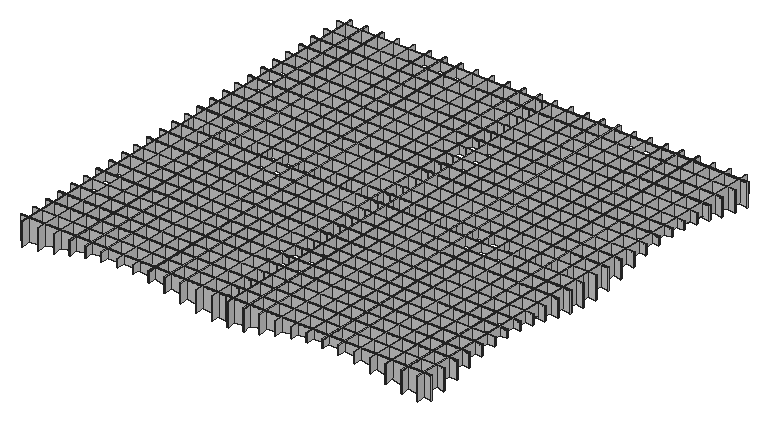
Revit family "CLD-WFL-002_RFA", category Modelos genéricos, Revit 2022 (continued)
Forms (in)
  Extrusion 440, solid
    sketch origin (186.69078, 216, 0) x (0, -1, 0) y (0, 0, 1)
      loop
        spline (103.61778, 5.04172) -> (103.98301, 5.00943) -> (104.34827, 4.97613) -> (104.71354, 4.94182) -> (105.07881, 4.90651) -> (105.44407, 4.8702) -> (105.80932, 4.83291) -> (106.17455, 4.79465) -> (106.53974, 4.75541) -> (106.90489, 4.71521) -> (107.26999, 4.67406) -> (107.63503, 4.63196) -> (108, 4.58891)
        line (108, 4.58891) -> (108, 11.82144)
    from -0.47244 to 0
  Extrusion 441, solid
    sketch origin (187.16322, 216, 0) x (0, -1, 0) y (0, 0, 1)
      loop
        line (108, 11.82144) -> (0, 11.82144) -> (0, 4.58891)
        spline (0, 4.58891) -> (0.32561, 4.62796) -> (0.65129, 4.66617) -> (0.97702, 4.70353) -> (1.3028, 4.74004) -> (1.62862, 4.77569) -> (1.95447, 4.81048) -> (2.28035, 4.84439) -> (2.60624, 4.87743) -> (2.93213, 4.90957) -> (3.25803, 4.94083) -> (3.58391, 4.97119) -> (3.90978, 5.00064)
        spline (3.90978, 5.00064) -> (4.64427, 5.06081) -> (5.37851, 5.11675) -> (6.11244, 5.16838) -> (6.84597, 5.21566) -> (7.57904, 5.25851) -> (8.31157, 5.29688) -> (9.04348, 5.33072) -> (9.7747, 5.35995) -> (10.50516, 5.38452) -> (11.23478, 5.40437) -> (11.96349, 5.41944) -> (12.69122, 5.42966)
        spline (12.69122, 5.42966) -> (13.34952, 5.43128) -> (14.00673, 5.42829) -> (14.66285, 5.42076) -> (15.31792, 5.40886) -> (15.97202, 5.39278) -> (16.62518, 5.37269) -> (17.27747, 5.34877) -> (17.92894, 5.32119) -> (18.57965, 5.29014) -> (19.22966, 5.2558) -> (19.87902, 5.21833) -> (20.52778, 5.17793)
        spline (20.52778, 5.17793) -> (21.26115, 5.12722) -> (21.99402, 5.0737) -> (22.72645, 5.01759) -> (23.45851, 4.95908) -> (24.19025, 4.89838) -> (24.92176, 4.8357) -> (25.65308, 4.77124) -> (26.38429, 4.70521) -> (27.11544, 4.63782) -> (27.84661, 4.56926) -> (28.57785, 4.49975) -> (29.30922, 4.42949)
        spline (29.30922, 4.42949) -> (29.95995, 4.366) -> (30.61094, 4.30234) -> (31.26223, 4.2387) -> (31.91387, 4.17525) -> (32.56591, 4.11218) -> (33.21841, 4.04966) -> (33.87141, 3.98789) -> (34.52497, 3.92703) -> (35.17914, 3.86728) -> (35.83396, 3.80881) -> (36.48949, 3.75181) -> (37.14578, 3.69645)
        spline (37.14578, 3.69645) -> (37.87194, 3.63892) -> (38.59907, 3.58371) -> (39.32723, 3.53102) -> (40.05647, 3.48105) -> (40.78684, 3.43397) -> (41.51831, 3.38979) -> (42.25083, 3.34845) -> (42.98434, 3.30989) -> (43.7188, 3.27405) -> (44.45413, 3.24086) -> (45.19029, 3.21027) -> (45.92722, 3.18221)
        spline (45.92722, 3.18221) -> (46.57816, 3.16116) -> (47.22964, 3.14217) -> (47.88162, 3.12519) -> (48.53404, 3.11017) -> (49.18687, 3.09705) -> (49.84004, 3.08579) -> (50.49352, 3.07632) -> (51.14725, 3.06859) -> (51.80119, 3.06255) -> (52.45529, 3.05816) -> (53.1095, 3.05535) -> (53.76378, 3.05407)
        spline (53.76378, 3.05407) -> (54.49695, 3.0556) -> (55.23004, 3.05885) -> (55.96301, 3.06387) -> (56.6958, 3.07073) -> (57.42836, 3.07948) -> (58.16062, 3.09019) -> (58.89255, 3.10292) -> (59.62409, 3.11771) -> (60.35517, 3.13464) -> (61.08576, 3.15376) -> (61.81579, 3.17514) -> (62.54522, 3.19882)
        spline (62.54522, 3.19882) -> (63.20286, 3.22386) -> (63.85981, 3.25117) -> (64.51602, 3.28078) -> (65.17144, 3.31277) -> (65.82603, 3.34719) -> (66.47973, 3.38408) -> (67.1325, 3.42351) -> (67.78428, 3.46553) -> (68.43505, 3.51013) -> (69.08486, 3.55715) -> (69.73376, 3.60642) -> (70.38178, 3.65777)
        spline (70.38178, 3.65777) -> (71.1172, 3.71948) -> (71.85176, 3.78304) -> (72.58554, 3.84824) -> (73.31858, 3.91488) -> (74.05094, 3.98275) -> (74.78268, 4.05166) -> (75.51385, 4.12139) -> (76.24452, 4.19176) -> (76.97473, 4.26254) -> (77.70455, 4.33354) -> (78.43403, 4.40456) -> (79.16322, 4.47539)
        spline (79.16322, 4.47539) -> (79.80403, 4.53723) -> (80.44473, 4.59841) -> (81.08536, 4.65876) -> (81.72599, 4.7181) -> (82.36666, 4.77623) -> (83.00743, 4.83299) -> (83.64836, 4.88819) -> (84.28951, 4.94166) -> (84.93093, 4.9932) -> (85.57267, 5.04265) -> (86.21481, 5.08982) -> (86.85738, 5.13453)
        spline (86.85738, 5.13453) -> (87.59614, 5.18092) -> (88.33559, 5.22395) -> (89.07577, 5.26344) -> (89.81676, 5.29917) -> (90.55862, 5.33094) -> (91.30141, 5.35856) -> (92.04519, 5.38181) -> (92.79004, 5.4005) -> (93.53601, 5.41442) -> (94.28316, 5.42338) -> (95.03157, 5.42716) -> (95.78122, 5.4257)
        spline (95.78122, 5.4257) -> (96.43065, 5.41648) -> (97.08095, 5.40294) -> (97.73207, 5.38513) -> (98.38393, 5.36311) -> (99.03648, 5.33693) -> (99.68963, 5.30665) -> (100.34334, 5.27231) -> (100.99753, 5.23398) -> (101.65213, 5.19169) -> (102.30709, 5.14552) -> (102.96233, 5.09551) -> (103.61778, 5.04172)
        spline (103.61778, 5.04172) -> (103.98301, 5.00943) -> (104.34827, 4.97613) -> (104.71354, 4.94182) -> (105.07881, 4.90651) -> (105.44407, 4.8702) -> (105.80932, 4.83291) -> (106.17455, 4.79465) -> (106.53974, 4.75541) -> (106.90489, 4.71521) -> (107.26999, 4.67406) -> (107.63503, 4.63196) -> (108, 4.58891)
        line (108, 4.58891) -> (108, 11.82144)
    from -0.11811 to 0
  Extrusion 442, solid
    sketch origin (194.88167, 216, 0) x (0, -1, 0) y (0, 0, 1)
      loop
        line (108, 11.82144) -> (0, 11.82144) -> (0, 2.55729)
        spline (0, 2.55729) -> (0.32561, 2.61504) -> (0.65129, 2.67215) -> (0.97702, 2.72862) -> (1.3028, 2.78445) -> (1.62862, 2.83963) -> (1.95447, 2.89415) -> (2.28035, 2.94802) -> (2.60624, 3.00123) -> (2.93213, 3.05379) -> (3.25803, 3.10567) -> (3.58391, 3.15689) -> (3.90978, 3.20744)
        spline (3.90978, 3.20744) -> (4.64427, 3.31686) -> (5.37851, 3.42317) -> (6.11243, 3.52634) -> (6.84596, 3.62635) -> (7.57903, 3.72316) -> (8.31156, 3.81675) -> (9.04347, 3.90709) -> (9.77469, 3.99415) -> (10.50515, 4.07789) -> (11.23478, 4.1583) -> (11.96349, 4.23534) -> (12.69122, 4.30898)
        spline (12.69122, 4.30898) -> (13.34952, 4.37039) -> (14.00673, 4.4286) -> (14.66285, 4.48364) -> (15.31792, 4.53559) -> (15.97202, 4.58455) -> (16.62518, 4.63059) -> (17.27747, 4.67381) -> (17.92894, 4.71429) -> (18.57965, 4.75212) -> (19.22966, 4.78738) -> (19.87902, 4.82016) -> (20.52778, 4.85054)
        spline (20.52778, 4.85054) -> (21.26115, 4.88062) -> (21.99402, 4.90823) -> (22.72646, 4.93347) -> (23.45851, 4.95644) -> (24.19026, 4.97724) -> (24.92176, 4.99598) -> (25.65309, 5.01275) -> (26.38429, 5.02764) -> (27.11545, 5.04077) -> (27.84661, 5.05223) -> (28.57785, 5.06211) -> (29.30922, 5.07053)
        spline (29.30922, 5.07053) -> (29.95995, 5.07584) -> (30.61094, 5.08009) -> (31.26223, 5.08336) -> (31.91387, 5.08574) -> (32.56591, 5.08733) -> (33.21841, 5.0882) -> (33.87141, 5.08846) -> (34.52497, 5.08817) -> (35.17914, 5.08744) -> (35.83396, 5.08636) -> (36.48949, 5.085) -> (37.14578, 5.08346)
        spline (37.14578, 5.08346) -> (37.87194, 5.08165) -> (38.59907, 5.0799) -> (39.32723, 5.0783) -> (40.05647, 5.07696) -> (40.78684, 5.07594) -> (41.51831, 5.07527) -> (42.25083, 5.07491) -> (42.98434, 5.07483) -> (43.7188, 5.075) -> (44.45413, 5.07538) -> (45.19029, 5.07596) -> (45.92722, 5.0767)
        spline (45.92722, 5.0767) -> (46.57816, 5.07753) -> (47.22964, 5.07843) -> (47.88162, 5.07937) -> (48.53404, 5.08033) -> (49.18687, 5.08128) -> (49.84004, 5.0822) -> (50.49352, 5.08306) -> (51.14725, 5.08383) -> (51.80119, 5.0845) -> (52.45529, 5.08503) -> (53.1095, 5.0854) -> (53.76378, 5.08558)
        spline (53.76378, 5.08558) -> (54.49695, 5.08542) -> (55.23004, 5.08505) -> (55.96301, 5.0845) -> (56.6958, 5.0838) -> (57.42835, 5.08298) -> (58.16062, 5.08206) -> (58.89255, 5.08107) -> (59.62408, 5.08005) -> (60.35517, 5.07902) -> (61.08576, 5.07801) -> (61.81579, 5.07705) -> (62.54522, 5.07616)
        spline (62.54522, 5.07616) -> (63.20286, 5.07551) -> (63.85981, 5.075) -> (64.51602, 5.07466) -> (65.17144, 5.07452) -> (65.82603, 5.0746) -> (66.47973, 5.07493) -> (67.1325, 5.07554) -> (67.78428, 5.07645) -> (68.43505, 5.07766) -> (69.08486, 5.07909) -> (69.73376, 5.08066) -> (70.38178, 5.08229)
        spline (70.38178, 5.08229) -> (71.1172, 5.08386) -> (71.85177, 5.08523) -> (72.58555, 5.08629) -> (73.31859, 5.08695) -> (74.05095, 5.08712) -> (74.78269, 5.08668) -> (75.51386, 5.08555) -> (76.24453, 5.08362) -> (76.97474, 5.08079) -> (77.70455, 5.07697) -> (78.43403, 5.07206) -> (79.16322, 5.06596)
        spline (79.16322, 5.06596) -> (79.81589, 5.05858) -> (80.46845, 5.04989) -> (81.12094, 5.0398) -> (81.77342, 5.02821) -> (82.42595, 5.01505) -> (83.07858, 5.00022) -> (83.73137, 4.98363) -> (84.38439, 4.9652) -> (85.03768, 4.94483) -> (85.6913, 4.92244) -> (86.34531, 4.89793) -> (86.99978, 4.87123)
        spline (86.99978, 4.87123) -> (87.72677, 4.83707) -> (88.45442, 4.80022) -> (89.18281, 4.7606) -> (89.91198, 4.7181) -> (90.642, 4.67263) -> (91.37294, 4.62408) -> (92.10486, 4.57237) -> (92.83781, 4.5174) -> (93.57187, 4.45907) -> (94.3071, 4.39728) -> (95.04355, 4.33194) -> (95.78122, 4.26301)
        spline (95.78122, 4.26301) -> (96.43065, 4.19725) -> (97.08095, 4.12847) -> (97.73207, 4.05667) -> (98.38393, 3.9819) -> (99.03648, 3.90417) -> (99.68963, 3.82352) -> (100.34334, 3.73996) -> (100.99753, 3.65352) -> (101.65213, 3.56424) -> (102.30709, 3.47213) -> (102.96233, 3.37722) -> (103.61778, 3.27954)
        spline (103.61778, 3.27954) -> (103.98302, 3.22342) -> (104.34828, 3.16655) -> (104.71355, 3.10893) -> (105.07882, 3.05057) -> (105.44409, 2.99146) -> (105.80934, 2.93162) -> (106.17456, 2.87105) -> (106.53976, 2.80974) -> (106.9049, 2.74771) -> (107.27, 2.68496) -> (107.63504, 2.62148) -> (108, 2.55729)
        line (108, 2.55729) -> (108, 11.82144)
    from -0.11811 to 0
  Extrusion 443, solid
    sketch origin (194.99978, 216, 0) x (0, -1, 0) y (0, 0, 1)
      loop
        line (108, 11.82144) -> (0, 11.82144) -> (0, 2.55729)
        spline (0, 2.55729) -> (0.32561, 2.61504) -> (0.65129, 2.67215) -> (0.97702, 2.72862) -> (1.3028, 2.78445) -> (1.62862, 2.83963) -> (1.95447, 2.89415) -> (2.28035, 2.94802) -> (2.60624, 3.00123) -> (2.93213, 3.05379) -> (3.25803, 3.10567) -> (3.58391, 3.15689) -> (3.90978, 3.20744)
        spline (3.90978, 3.20744) -> (4.64427, 3.31686) -> (5.37851, 3.42317) -> (6.11243, 3.52634) -> (6.84596, 3.62635) -> (7.57903, 3.72316) -> (8.31156, 3.81675) -> (9.04347, 3.90709) -> (9.77469, 3.99415) -> (10.50515, 4.07789) -> (11.23478, 4.1583) -> (11.96349, 4.23534) -> (12.69122, 4.30898)
        spline (12.69122, 4.30898) -> (13.34952, 4.37039) -> (14.00673, 4.4286) -> (14.66285, 4.48364) -> (15.31792, 4.53559) -> (15.97202, 4.58455) -> (16.62518, 4.63059) -> (17.27747, 4.67381) -> (17.92894, 4.71429) -> (18.57965, 4.75212) -> (19.22966, 4.78738) -> (19.87902, 4.82016) -> (20.52778, 4.85054)
        spline (20.52778, 4.85054) -> (21.26115, 4.88062) -> (21.99402, 4.90823) -> (22.72646, 4.93347) -> (23.45851, 4.95644) -> (24.19026, 4.97724) -> (24.92176, 4.99598) -> (25.65309, 5.01275) -> (26.38429, 5.02764) -> (27.11545, 5.04077) -> (27.84661, 5.05223) -> (28.57785, 5.06211) -> (29.30922, 5.07053)
        spline (29.30922, 5.07053) -> (29.95995, 5.07584) -> (30.61094, 5.08009) -> (31.26223, 5.08336) -> (31.91387, 5.08574) -> (32.56591, 5.08733) -> (33.21841, 5.0882) -> (33.87141, 5.08846) -> (34.52497, 5.08817) -> (35.17914, 5.08744) -> (35.83396, 5.08636) -> (36.48949, 5.085) -> (37.14578, 5.08346)
        spline (37.14578, 5.08346) -> (37.87194, 5.08165) -> (38.59907, 5.0799) -> (39.32723, 5.0783) -> (40.05647, 5.07696) -> (40.78684, 5.07594) -> (41.51831, 5.07527) -> (42.25083, 5.07491) -> (42.98434, 5.07483) -> (43.7188, 5.075) -> (44.45413, 5.07538) -> (45.19029, 5.07596) -> (45.92722, 5.0767)
        spline (45.92722, 5.0767) -> (46.57816, 5.07753) -> (47.22964, 5.07843) -> (47.88162, 5.07937) -> (48.53404, 5.08033) -> (49.18687, 5.08128) -> (49.84004, 5.0822) -> (50.49352, 5.08306) -> (51.14725, 5.08383) -> (51.80119, 5.0845) -> (52.45529, 5.08503) -> (53.1095, 5.0854) -> (53.76378, 5.08558)
        spline (53.76378, 5.08558) -> (54.49695, 5.08542) -> (55.23004, 5.08505) -> (55.96301, 5.0845) -> (56.6958, 5.0838) -> (57.42835, 5.08298) -> (58.16062, 5.08206) -> (58.89255, 5.08107) -> (59.62408, 5.08005) -> (60.35517, 5.07902) -> (61.08576, 5.07801) -> (61.81579, 5.07705) -> (62.54522, 5.07616)
        spline (62.54522, 5.07616) -> (63.20286, 5.07551) -> (63.85981, 5.075) -> (64.51602, 5.07466) -> (65.17144, 5.07452) -> (65.82603, 5.0746) -> (66.47973, 5.07493) -> (67.1325, 5.07554) -> (67.78428, 5.07645) -> (68.43505, 5.07766) -> (69.08486, 5.07909) -> (69.73376, 5.08066) -> (70.38178, 5.08229)
        spline (70.38178, 5.08229) -> (71.1172, 5.08386) -> (71.85177, 5.08523) -> (72.58555, 5.08629) -> (73.31859, 5.08695) -> (74.05095, 5.08712) -> (74.78269, 5.08668) -> (75.51386, 5.08555) -> (76.24453, 5.08362) -> (76.97474, 5.08079) -> (77.70455, 5.07697) -> (78.43403, 5.07206) -> (79.16322, 5.06596)
        spline (79.16322, 5.06596) -> (79.81589, 5.05858) -> (80.46845, 5.04989) -> (81.12094, 5.0398) -> (81.77342, 5.02821) -> (82.42595, 5.01505) -> (83.07858, 5.00022) -> (83.73137, 4.98363) -> (84.38439, 4.9652) -> (85.03768, 4.94483) -> (85.6913, 4.92244) -> (86.34531, 4.89793) -> (86.99978, 4.87123)
        spline (86.99978, 4.87123) -> (87.72677, 4.83707) -> (88.45442, 4.80022) -> (89.18281, 4.7606) -> (89.91198, 4.7181) -> (90.642, 4.67263) -> (91.37294, 4.62408) -> (92.10486, 4.57237) -> (92.83781, 4.5174) -> (93.57187, 4.45907) -> (94.3071, 4.39728) -> (95.04355, 4.33194) -> (95.78122, 4.26301)
        spline (95.78122, 4.26301) -> (96.43065, 4.19725) -> (97.08095, 4.12847) -> (97.73207, 4.05667) -> (98.38393, 3.9819) -> (99.03648, 3.90417) -> (99.68963, 3.82352) -> (100.34334, 3.73996) -> (100.99753, 3.65352) -> (101.65213, 3.56424) -> (102.30709, 3.47213) -> (102.96233, 3.37722) -> (103.61778, 3.27954)
        spline (103.61778, 3.27954) -> (103.98302, 3.22342) -> (104.34828, 3.16655) -> (104.71355, 3.10893) -> (105.07882, 3.05057) -> (105.44409, 2.99146) -> (105.80934, 2.93162) -> (106.17456, 2.87105) -> (106.53976, 2.80974) -> (106.9049, 2.74771) -> (107.27, 2.68496) -> (107.63504, 2.62148) -> (108, 2.55729)
        line (108, 2.55729) -> (108, 11.82144)
    from -0.47244 to 0
  Extrusion 444, solid
    sketch origin (195.47222, 216, 0) x (0, -1, 0) y (0, 0, 1)
      loop
        line (108, 11.82144) -> (0, 11.82144) -> (0, 2.55729)
        spline (0, 2.55729) -> (0.32561, 2.61504) -> (0.65129, 2.67215) -> (0.97702, 2.72862) -> (1.3028, 2.78445) -> (1.62862, 2.83963) -> (1.95447, 2.89415) -> (2.28035, 2.94802) -> (2.60624, 3.00123) -> (2.93213, 3.05379) -> (3.25803, 3.10567) -> (3.58391, 3.15689) -> (3.90978, 3.20744)
        spline (3.90978, 3.20744) -> (4.64427, 3.31686) -> (5.37851, 3.42317) -> (6.11243, 3.52634) -> (6.84596, 3.62635) -> (7.57903, 3.72316) -> (8.31156, 3.81675) -> (9.04347, 3.90709) -> (9.77469, 3.99415) -> (10.50515, 4.07789) -> (11.23478, 4.1583) -> (11.96349, 4.23534) -> (12.69122, 4.30898)
        spline (12.69122, 4.30898) -> (13.34952, 4.37039) -> (14.00673, 4.4286) -> (14.66285, 4.48364) -> (15.31792, 4.53559) -> (15.97202, 4.58455) -> (16.62518, 4.63059) -> (17.27747, 4.67381) -> (17.92894, 4.71429) -> (18.57965, 4.75212) -> (19.22966, 4.78738) -> (19.87902, 4.82016) -> (20.52778, 4.85054)
        spline (20.52778, 4.85054) -> (21.26115, 4.88062) -> (21.99402, 4.90823) -> (22.72646, 4.93347) -> (23.45851, 4.95644) -> (24.19026, 4.97724) -> (24.92176, 4.99598) -> (25.65309, 5.01275) -> (26.38429, 5.02764) -> (27.11545, 5.04077) -> (27.84661, 5.05223) -> (28.57785, 5.06211) -> (29.30922, 5.07053)
        spline (29.30922, 5.07053) -> (29.95995, 5.07584) -> (30.61094, 5.08009) -> (31.26223, 5.08336) -> (31.91387, 5.08574) -> (32.56591, 5.08733) -> (33.21841, 5.0882) -> (33.87141, 5.08846) -> (34.52497, 5.08817) -> (35.17914, 5.08744) -> (35.83396, 5.08636) -> (36.48949, 5.085) -> (37.14578, 5.08346)
        spline (37.14578, 5.08346) -> (37.87194, 5.08165) -> (38.59907, 5.0799) -> (39.32723, 5.0783) -> (40.05647, 5.07696) -> (40.78684, 5.07594) -> (41.51831, 5.07527) -> (42.25083, 5.07491) -> (42.98434, 5.07483) -> (43.7188, 5.075) -> (44.45413, 5.07538) -> (45.19029, 5.07596) -> (45.92722, 5.0767)
        spline (45.92722, 5.0767) -> (46.57816, 5.07753) -> (47.22964, 5.07843) -> (47.88162, 5.07937) -> (48.53404, 5.08033) -> (49.18687, 5.08128) -> (49.84004, 5.0822) -> (50.49352, 5.08306) -> (51.14725, 5.08383) -> (51.80119, 5.0845) -> (52.45529, 5.08503) -> (53.1095, 5.0854) -> (53.76378, 5.08558)
        spline (53.76378, 5.08558) -> (54.49695, 5.08542) -> (55.23004, 5.08505) -> (55.96301, 5.0845) -> (56.6958, 5.0838) -> (57.42835, 5.08298) -> (58.16062, 5.08206) -> (58.89255, 5.08107) -> (59.62408, 5.08005) -> (60.35517, 5.07902) -> (61.08576, 5.07801) -> (61.81579, 5.07705) -> (62.54522, 5.07616)
        spline (62.54522, 5.07616) -> (63.20286, 5.07551) -> (63.85981, 5.075) -> (64.51602, 5.07466) -> (65.17144, 5.07452) -> (65.82603, 5.0746) -> (66.47973, 5.07493) -> (67.1325, 5.07554) -> (67.78428, 5.07645) -> (68.43505, 5.07766) -> (69.08486, 5.07909) -> (69.73376, 5.08066) -> (70.38178, 5.08229)
        spline (70.38178, 5.08229) -> (71.1172, 5.08386) -> (71.85177, 5.08523) -> (72.58555, 5.08629) -> (73.31859, 5.08695) -> (74.05095, 5.08712) -> (74.78269, 5.08668) -> (75.51386, 5.08555) -> (76.24453, 5.08362) -> (76.97474, 5.08079) -> (77.70455, 5.07697) -> (78.43403, 5.07206) -> (79.16322, 5.06596)
        spline (79.16322, 5.06596) -> (79.81589, 5.05858) -> (80.46845, 5.04989) -> (81.12094, 5.0398) -> (81.77342, 5.02821) -> (82.42595, 5.01505) -> (83.07858, 5.00022) -> (83.73137, 4.98363) -> (84.38439, 4.9652) -> (85.03768, 4.94483) -> (85.6913, 4.92244) -> (86.34531, 4.89793) -> (86.99978, 4.87123)
        spline (86.99978, 4.87123) -> (87.72677, 4.83707) -> (88.45442, 4.80022) -> (89.18281, 4.7606) -> (89.91198, 4.7181) -> (90.642, 4.67263) -> (91.37294, 4.62408) -> (92.10486, 4.57237) -> (92.83781, 4.5174) -> (93.57187, 4.45907) -> (94.3071, 4.39728) -> (95.04355, 4.33194) -> (95.78122, 4.26301)
        spline (95.78122, 4.26301) -> (96.43065, 4.19725) -> (97.08095, 4.12847) -> (97.73207, 4.05667) -> (98.38393, 3.9819) -> (99.03648, 3.90417) -> (99.68963, 3.82352) -> (100.34334, 3.73996) -> (100.99753, 3.65352) -> (101.65213, 3.56424) -> (102.30709, 3.47213) -> (102.96233, 3.37722) -> (103.61778, 3.27954)
        spline (103.61778, 3.27954) -> (103.98302, 3.22342) -> (104.34828, 3.16655) -> (104.71355, 3.10893) -> (105.07882, 3.05057) -> (105.44409, 2.99146) -> (105.80934, 2.93162) -> (106.17456, 2.87105) -> (106.53976, 2.80974) -> (106.9049, 2.74771) -> (107.27, 2.68496) -> (107.63504, 2.62148) -> (108, 2.55729)
        line (108, 2.55729) -> (108, 11.82144)
    from -0.11811 to 0
  Extrusion 445, solid
    sketch origin (203.19067, 216, 0) x (0, -1, 0) y (0, 0, 1)
      loop
        line (108, 11.82144) -> (0, 11.82144) -> (0, 0.88375)
        spline (0, 0.88375) -> (0.32561, 0.94348) -> (0.65129, 1.00296) -> (0.97702, 1.06219) -> (1.3028, 1.12116) -> (1.62862, 1.1799) -> (1.95447, 1.23838) -> (2.28035, 1.29662) -> (2.60624, 1.35462) -> (2.93213, 1.41237) -> (3.25803, 1.46988) -> (3.58391, 1.52715) -> (3.90978, 1.58418)
        spline (3.90978, 1.58418) -> (4.64426, 1.71122) -> (5.37851, 1.8372) -> (6.11243, 1.96212) -> (6.84596, 2.086) -> (7.57903, 2.20885) -> (8.31155, 2.33067) -> (9.04347, 2.45149) -> (9.77469, 2.57131) -> (10.50515, 2.69014) -> (11.23478, 2.80798) -> (11.96349, 2.92486) -> (12.69122, 3.04079)
        spline (12.69122, 3.04079) -> (13.34952, 3.14441) -> (14.00673, 3.24717) -> (14.66285, 3.34906) -> (15.31792, 3.45005) -> (15.97202, 3.55011) -> (16.62518, 3.64921) -> (17.27747, 3.74732) -> (17.92894, 3.8444) -> (18.57965, 3.94043) -> (19.22966, 4.03537) -> (19.87902, 4.12919) -> (20.52778, 4.22187)
        spline (20.52778, 4.22187) -> (21.26116, 4.32437) -> (21.99403, 4.42546) -> (22.72646, 4.52511) -> (23.45852, 4.62328) -> (24.19027, 4.71993) -> (24.92177, 4.81503) -> (25.6531, 4.90854) -> (26.3843, 5.00042) -> (27.11545, 5.09065) -> (27.84662, 5.17918) -> (28.57786, 5.26598) -> (29.30922, 5.35101)
        spline (29.30922, 5.35101) -> (29.95995, 5.42391) -> (30.61094, 5.49516) -> (31.26223, 5.56472) -> (31.91387, 5.63257) -> (32.56591, 5.69867) -> (33.21841, 5.763) -> (33.87141, 5.82551) -> (34.52497, 5.88618) -> (35.17914, 5.94498) -> (35.83396, 6.00187) -> (36.48949, 6.05683) -> (37.14578, 6.10982)
        spline (37.14578, 6.10982) -> (37.87194, 6.16453) -> (38.59907, 6.21702) -> (39.32723, 6.26723) -> (40.05647, 6.31514) -> (40.78684, 6.36072) -> (41.51831, 6.40397) -> (42.25083, 6.44489) -> (42.98434, 6.4835) -> (43.71879, 6.51981) -> (44.45413, 6.55383) -> (45.19029, 6.58557) -> (45.92722, 6.61503)
        spline (45.92722, 6.61503) -> (46.57816, 6.6376) -> (47.22964, 6.65822) -> (47.88162, 6.67689) -> (48.53404, 6.69363) -> (49.18687, 6.70845) -> (49.84004, 6.72134) -> (50.49352, 6.73234) -> (51.14725, 6.74143) -> (51.80119, 6.74863) -> (52.45529, 6.75396) -> (53.1095, 6.75742) -> (53.76378, 6.75901)
        spline (53.76378, 6.75901) -> (54.49695, 6.7572) -> (55.23004, 6.75331) -> (55.96301, 6.74732) -> (56.6958, 6.73922) -> (57.42835, 6.72901) -> (58.16062, 6.71667) -> (58.89255, 6.7022) -> (59.62408, 6.68557) -> (60.35517, 6.66679) -> (61.08576, 6.64585) -> (61.81579, 6.62272) -> (62.54522, 6.59741)
        spline (62.54522, 6.59741) -> (63.20286, 6.57112) -> (63.85981, 6.54281) -> (64.51602, 6.51247) -> (65.17144, 6.48008) -> (65.82603, 6.44563) -> (66.47973, 6.40912) -> (67.1325, 6.37054) -> (67.78428, 6.32988) -> (68.43505, 6.28713) -> (69.08486, 6.24233) -> (69.73376, 6.19551) -> (70.38178, 6.14669)
        spline (70.38178, 6.14669) -> (71.1172, 6.08737) -> (71.85177, 6.02584) -> (72.58554, 5.96214) -> (73.31858, 5.89631) -> (74.05094, 5.82838) -> (74.78268, 5.75838) -> (75.51386, 5.68636) -> (76.24452, 5.61234) -> (76.97473, 5.53637) -> (77.70455, 5.45847) -> (78.43403, 5.37869) -> (79.16322, 5.29705)
        spline (79.16322, 5.29705) -> (79.81589, 5.22111) -> (80.46845, 5.14359) -> (81.12094, 5.06452) -> (81.77342, 4.98394) -> (82.42595, 4.90188) -> (83.07858, 4.81837) -> (83.73137, 4.73344) -> (84.38439, 4.64713) -> (85.03768, 4.55947) -> (85.6913, 4.47048) -> (86.34531, 4.3802) -> (86.99978, 4.28866)
        spline (86.99978, 4.28866) -> (87.72677, 4.18488) -> (88.45442, 4.07981) -> (89.1828, 3.97349) -> (89.91197, 3.86595) -> (90.64199, 3.75723) -> (91.37293, 3.64737) -> (92.10485, 3.53639) -> (92.8378, 3.42433) -> (93.57186, 3.31123) -> (94.30709, 3.19712) -> (95.04354, 3.08203) -> (95.78122, 2.96599)
        spline (95.78122, 2.96599) -> (96.4698, 2.85601) -> (97.15931, 2.74512) -> (97.84968, 2.63332) -> (98.54085, 2.52058) -> (99.23273, 2.40692) -> (99.92527, 2.2923) -> (100.61838, 2.17673) -> (101.31201, 2.06019) -> (102.00608, 1.94268) -> (102.70052, 1.82418) -> (103.39525, 1.70469) -> (104.09022, 1.58418)
        spline (104.09022, 1.58418) -> (104.41609, 1.52715) -> (104.74197, 1.46988) -> (105.06787, 1.41237) -> (105.39376, 1.35462) -> (105.71965, 1.29662) -> (106.04553, 1.23838) -> (106.37138, 1.1799) -> (106.6972, 1.12116) -> (107.02298, 1.06219) -> (107.34871, 1.00296) -> (107.67439, 0.94348) -> (108, 0.88375)
        line (108, 0.88375) -> (108, 11.82144)
    from -0.11811 to 0
  Extrusion 446, solid
    sketch origin (203.66311, 216, 0) x (0, -1, 0) y (0, 0, 1)
      loop
        line (108, 11.82144) -> (0, 11.82144) -> (0, 0.88375)
        spline (0, 0.88375) -> (0.32561, 0.94348) -> (0.65129, 1.00296) -> (0.97702, 1.06219) -> (1.3028, 1.12116) -> (1.62862, 1.1799) -> (1.95447, 1.23838) -> (2.28035, 1.29662) -> (2.60624, 1.35462) -> (2.93213, 1.41237) -> (3.25803, 1.46988) -> (3.58391, 1.52715) -> (3.90978, 1.58418)
        spline (3.90978, 1.58418) -> (4.64426, 1.71122) -> (5.37851, 1.8372) -> (6.11243, 1.96212) -> (6.84596, 2.086) -> (7.57903, 2.20885) -> (8.31155, 2.33067) -> (9.04347, 2.45149) -> (9.77469, 2.57131) -> (10.50515, 2.69014) -> (11.23478, 2.80798) -> (11.96349, 2.92486) -> (12.69122, 3.04079)
        spline (12.69122, 3.04079) -> (13.34952, 3.14441) -> (14.00673, 3.24717) -> (14.66285, 3.34906) -> (15.31792, 3.45005) -> (15.97202, 3.55011) -> (16.62518, 3.64921) -> (17.27747, 3.74732) -> (17.92894, 3.8444) -> (18.57965, 3.94043) -> (19.22966, 4.03537) -> (19.87902, 4.12919) -> (20.52778, 4.22187)
        spline (20.52778, 4.22187) -> (21.26116, 4.32437) -> (21.99403, 4.42546) -> (22.72646, 4.52511) -> (23.45852, 4.62328) -> (24.19027, 4.71993) -> (24.92177, 4.81503) -> (25.6531, 4.90854) -> (26.3843, 5.00042) -> (27.11545, 5.09065) -> (27.84662, 5.17918) -> (28.57786, 5.26598) -> (29.30922, 5.35101)
        spline (29.30922, 5.35101) -> (29.95995, 5.42391) -> (30.61094, 5.49516) -> (31.26223, 5.56472) -> (31.91387, 5.63257) -> (32.56591, 5.69867) -> (33.21841, 5.763) -> (33.87141, 5.82551) -> (34.52497, 5.88618) -> (35.17914, 5.94498) -> (35.83396, 6.00187) -> (36.48949, 6.05683) -> (37.14578, 6.10982)
        spline (37.14578, 6.10982) -> (37.87194, 6.16453) -> (38.59907, 6.21702) -> (39.32723, 6.26723) -> (40.05647, 6.31514) -> (40.78684, 6.36072) -> (41.51831, 6.40397) -> (42.25083, 6.44489) -> (42.98434, 6.4835) -> (43.71879, 6.51981) -> (44.45413, 6.55383) -> (45.19029, 6.58557) -> (45.92722, 6.61503)
        spline (45.92722, 6.61503) -> (46.57816, 6.6376) -> (47.22964, 6.65822) -> (47.88162, 6.67689) -> (48.53404, 6.69363) -> (49.18687, 6.70845) -> (49.84004, 6.72134) -> (50.49352, 6.73234) -> (51.14725, 6.74143) -> (51.80119, 6.74863) -> (52.45529, 6.75396) -> (53.1095, 6.75742) -> (53.76378, 6.75901)
        spline (53.76378, 6.75901) -> (54.49695, 6.7572) -> (55.23004, 6.75331) -> (55.96301, 6.74732) -> (56.6958, 6.73922) -> (57.42835, 6.72901) -> (58.16062, 6.71667) -> (58.89255, 6.7022) -> (59.62408, 6.68557) -> (60.35517, 6.66679) -> (61.08576, 6.64585) -> (61.81579, 6.62272) -> (62.54522, 6.59741)
        spline (62.54522, 6.59741) -> (63.20286, 6.57112) -> (63.85981, 6.54281) -> (64.51602, 6.51247) -> (65.17144, 6.48008) -> (65.82603, 6.44563) -> (66.47973, 6.40912) -> (67.1325, 6.37054) -> (67.78428, 6.32988) -> (68.43505, 6.28713) -> (69.08486, 6.24233) -> (69.73376, 6.19551) -> (70.38178, 6.14669)
        spline (70.38178, 6.14669) -> (71.1172, 6.08737) -> (71.85177, 6.02584) -> (72.58554, 5.96214) -> (73.31858, 5.89631) -> (74.05094, 5.82838) -> (74.78268, 5.75838) -> (75.51386, 5.68636) -> (76.24452, 5.61234) -> (76.97473, 5.53637) -> (77.70455, 5.45847) -> (78.43403, 5.37869) -> (79.16322, 5.29705)
        spline (79.16322, 5.29705) -> (79.81589, 5.22111) -> (80.46845, 5.14359) -> (81.12094, 5.06452) -> (81.77342, 4.98394) -> (82.42595, 4.90188) -> (83.07858, 4.81837) -> (83.73137, 4.73344) -> (84.38439, 4.64713) -> (85.03768, 4.55947) -> (85.6913, 4.47048) -> (86.34531, 4.3802) -> (86.99978, 4.28866)
        spline (86.99978, 4.28866) -> (87.72677, 4.18488) -> (88.45442, 4.07981) -> (89.1828, 3.97349) -> (89.91197, 3.86595) -> (90.64199, 3.75723) -> (91.37293, 3.64737) -> (92.10485, 3.53639) -> (92.8378, 3.42433) -> (93.57186, 3.31123) -> (94.30709, 3.19712) -> (95.04354, 3.08203) -> (95.78122, 2.96599)
        spline (95.78122, 2.96599) -> (96.4698, 2.85601) -> (97.15931, 2.74512) -> (97.84968, 2.63332) -> (98.54085, 2.52058) -> (99.23273, 2.40692) -> (99.92527, 2.2923) -> (100.61838, 2.17673) -> (101.31201, 2.06019) -> (102.00608, 1.94268) -> (102.70052, 1.82418) -> (103.39525, 1.70469) -> (104.09022, 1.58418)
        spline (104.09022, 1.58418) -> (104.41609, 1.52715) -> (104.74197, 1.46988) -> (105.06787, 1.41237) -> (105.39376, 1.35462) -> (105.71965, 1.29662) -> (106.04553, 1.23838) -> (106.37138, 1.1799) -> (106.6972, 1.12116) -> (107.02298, 1.06219) -> (107.34871, 1.00296) -> (107.67439, 0.94348) -> (108, 0.88375)
        line (108, 0.88375) -> (108, 11.82144)
    from -0.11811 to 0.35433
  Extrusion 447, solid
    sketch origin (203.78122, 216, 0) x (0, -1, 0) y (0, 0, 1)
      loop
        line (108, 11.82144) -> (0, 11.82144) -> (0, 0.88375)
        spline (0, 0.88375) -> (0.32561, 0.94348) -> (0.65129, 1.00296) -> (0.97702, 1.06219) -> (1.3028, 1.12116) -> (1.62862, 1.1799) -> (1.95447, 1.23838) -> (2.28035, 1.29662) -> (2.60624, 1.35462) -> (2.93213, 1.41237) -> (3.25803, 1.46988) -> (3.58391, 1.52715) -> (3.90978, 1.58418)
        spline (3.90978, 1.58418) -> (4.64426, 1.71122) -> (5.37851, 1.8372) -> (6.11243, 1.96212) -> (6.84596, 2.086) -> (7.57903, 2.20885) -> (8.31155, 2.33067) -> (9.04347, 2.45149) -> (9.77469, 2.57131) -> (10.50515, 2.69014) -> (11.23478, 2.80798) -> (11.96349, 2.92486) -> (12.69122, 3.04079)
        spline (12.69122, 3.04079) -> (13.34952, 3.14441) -> (14.00673, 3.24717) -> (14.66285, 3.34906) -> (15.31792, 3.45005) -> (15.97202, 3.55011) -> (16.62518, 3.64921) -> (17.27747, 3.74732) -> (17.92894, 3.8444) -> (18.57965, 3.94043) -> (19.22966, 4.03537) -> (19.87902, 4.12919) -> (20.52778, 4.22187)
        spline (20.52778, 4.22187) -> (21.26116, 4.32437) -> (21.99403, 4.42546) -> (22.72646, 4.52511) -> (23.45852, 4.62328) -> (24.19027, 4.71993) -> (24.92177, 4.81503) -> (25.6531, 4.90854) -> (26.3843, 5.00042) -> (27.11545, 5.09065) -> (27.84662, 5.17918) -> (28.57786, 5.26598) -> (29.30922, 5.35101)
        spline (29.30922, 5.35101) -> (29.95995, 5.42391) -> (30.61094, 5.49516) -> (31.26223, 5.56472) -> (31.91387, 5.63257) -> (32.56591, 5.69867) -> (33.21841, 5.763) -> (33.87141, 5.82551) -> (34.52497, 5.88618) -> (35.17914, 5.94498) -> (35.83396, 6.00187) -> (36.48949, 6.05683) -> (37.14578, 6.10982)
        spline (37.14578, 6.10982) -> (37.87194, 6.16453) -> (38.59907, 6.21702) -> (39.32723, 6.26723) -> (40.05647, 6.31514) -> (40.78684, 6.36072) -> (41.51831, 6.40397) -> (42.25083, 6.44489) -> (42.98434, 6.4835) -> (43.71879, 6.51981) -> (44.45413, 6.55383) -> (45.19029, 6.58557) -> (45.92722, 6.61503)
        spline (45.92722, 6.61503) -> (46.57816, 6.6376) -> (47.22964, 6.65822) -> (47.88162, 6.67689) -> (48.53404, 6.69363) -> (49.18687, 6.70845) -> (49.84004, 6.72134) -> (50.49352, 6.73234) -> (51.14725, 6.74143) -> (51.80119, 6.74863) -> (52.45529, 6.75396) -> (53.1095, 6.75742) -> (53.76378, 6.75901)
        spline (53.76378, 6.75901) -> (54.49695, 6.7572) -> (55.23004, 6.75331) -> (55.96301, 6.74732) -> (56.6958, 6.73922) -> (57.42835, 6.72901) -> (58.16062, 6.71667) -> (58.89255, 6.7022) -> (59.62408, 6.68557) -> (60.35517, 6.66679) -> (61.08576, 6.64585) -> (61.81579, 6.62272) -> (62.54522, 6.59741)
        spline (62.54522, 6.59741) -> (63.20286, 6.57112) -> (63.85981, 6.54281) -> (64.51602, 6.51247) -> (65.17144, 6.48008) -> (65.82603, 6.44563) -> (66.47973, 6.40912) -> (67.1325, 6.37054) -> (67.78428, 6.32988) -> (68.43505, 6.28713) -> (69.08486, 6.24233) -> (69.73376, 6.19551) -> (70.38178, 6.14669)
        spline (70.38178, 6.14669) -> (71.1172, 6.08737) -> (71.85177, 6.02584) -> (72.58554, 5.96214) -> (73.31858, 5.89631) -> (74.05094, 5.82838) -> (74.78268, 5.75838) -> (75.51386, 5.68636) -> (76.24452, 5.61234) -> (76.97473, 5.53637) -> (77.70455, 5.45847) -> (78.43403, 5.37869) -> (79.16322, 5.29705)
        spline (79.16322, 5.29705) -> (79.81589, 5.22111) -> (80.46845, 5.14359) -> (81.12094, 5.06452) -> (81.77342, 4.98394) -> (82.42595, 4.90188) -> (83.07858, 4.81837) -> (83.73137, 4.73344) -> (84.38439, 4.64713) -> (85.03768, 4.55947) -> (85.6913, 4.47048) -> (86.34531, 4.3802) -> (86.99978, 4.28866)
        spline (86.99978, 4.28866) -> (87.72677, 4.18488) -> (88.45442, 4.07981) -> (89.1828, 3.97349) -> (89.91197, 3.86595) -> (90.64199, 3.75723) -> (91.37293, 3.64737) -> (92.10485, 3.53639) -> (92.8378, 3.42433) -> (93.57186, 3.31123) -> (94.30709, 3.19712) -> (95.04354, 3.08203) -> (95.78122, 2.96599)
        spline (95.78122, 2.96599) -> (96.4698, 2.85601) -> (97.15931, 2.74512) -> (97.84968, 2.63332) -> (98.54085, 2.52058) -> (99.23273, 2.40692) -> (99.92527, 2.2923) -> (100.61838, 2.17673) -> (101.31201, 2.06019) -> (102.00608, 1.94268) -> (102.70052, 1.82418) -> (103.39525, 1.70469) -> (104.09022, 1.58418)
        spline (104.09022, 1.58418) -> (104.41609, 1.52715) -> (104.74197, 1.46988) -> (105.06787, 1.41237) -> (105.39376, 1.35462) -> (105.71965, 1.29662) -> (106.04553, 1.23838) -> (106.37138, 1.1799) -> (106.6972, 1.12116) -> (107.02298, 1.06219) -> (107.34871, 1.00296) -> (107.67439, 0.94348) -> (108, 0.88375)
        line (108, 0.88375) -> (108, 11.82144)
    from -0.11811 to 0
  Extrusion 448, solid
    sketch origin (211.49967, 216, 0) x (0, -1, 0) y (0, 0, 1)
      loop
        line (108, 11.82144) -> (0, 11.82144) -> (0, 0)
        spline (0, 0) -> (0.32561, 0.03535) -> (0.65129, 0.07108) -> (0.97702, 0.10719) -> (1.3028, 0.14369) -> (1.62862, 0.18058) -> (1.95447, 0.21788) -> (2.28035, 0.25557) -> (2.60624, 0.29369) -> (2.93213, 0.33222) -> (3.25803, 0.37118) -> (3.58391, 0.41056) -> (3.90978, 0.45039)
        spline (3.90978, 0.45039) -> (4.64427, 0.54331) -> (5.37851, 0.63835) -> (6.11243, 0.73557) -> (6.84597, 0.83501) -> (7.57904, 0.93675) -> (8.31156, 1.04084) -> (9.04347, 1.14734) -> (9.7747, 1.25631) -> (10.50516, 1.36779) -> (11.23478, 1.48186) -> (11.96349, 1.59857) -> (12.69122, 1.71798)
        spline (12.69122, 1.71798) -> (13.38922, 1.83797) -> (14.08606, 1.96074) -> (14.78174, 2.08623) -> (15.47631, 2.21426) -> (16.16984, 2.34463) -> (16.86238, 2.47718) -> (17.55399, 2.61172) -> (18.24473, 2.74807) -> (18.93467, 2.88604) -> (19.62386, 3.02546) -> (20.31235, 3.16614) -> (21.00022, 3.30789)
        spline (21.00022, 3.30789) -> (21.65469, 3.44372) -> (22.3087, 3.5801) -> (22.96232, 3.71687) -> (23.61561, 3.85384) -> (24.26863, 3.99083) -> (24.92142, 4.12768) -> (25.57405, 4.2642) -> (26.22658, 4.40021) -> (26.87906, 4.53554) -> (27.53155, 4.67001) -> (28.18411, 4.80344) -> (28.83678, 4.93566)
        spline (28.83678, 4.93566) -> (29.71888, 5.11051) -> (30.60133, 5.28308) -> (31.48418, 5.45313) -> (32.36752, 5.62042) -> (33.25139, 5.78471) -> (34.13589, 5.94577) -> (35.02106, 6.10336) -> (35.90699, 6.25724) -> (36.79374, 6.40717) -> (37.68137, 6.55291) -> (38.56997, 6.69423) -> (39.45958, 6.83089)
        spline (39.45958, 6.83089) -> (39.81456, 6.88206) -> (40.17002, 6.93114) -> (40.52597, 6.97806) -> (40.88246, 7.0227) -> (41.2395, 7.065) -> (41.59707, 7.10495) -> (41.95516, 7.14258) -> (42.31373, 7.17791) -> (42.67277, 7.21097) -> (43.03223, 7.2418) -> (43.3921, 7.27043) -> (43.75234, 7.29687)
        spline (43.75234, 7.29687) -> (44.62318, 7.35197) -> (45.49474, 7.40207) -> (46.36696, 7.44722) -> (47.23979, 7.48751) -> (48.11314, 7.52299) -> (48.98697, 7.55374) -> (49.8612, 7.57983) -> (50.73577, 7.60132) -> (51.61063, 7.61828) -> (52.48569, 7.63078) -> (53.36091, 7.63889) -> (54.23622, 7.64268)
        spline (54.23622, 7.64268) -> (54.8905, 7.63994) -> (55.54471, 7.63396) -> (56.19881, 7.62471) -> (56.85275, 7.61212) -> (57.50648, 7.59614) -> (58.15996, 7.57673) -> (58.81313, 7.55383) -> (59.46596, 7.5274) -> (60.11838, 7.49738) -> (60.77036, 7.46371) -> (61.42184, 7.42635) -> (62.07278, 7.38525)
        spline (62.07278, 7.38525) -> (62.80971, 7.33115) -> (63.54587, 7.27259) -> (64.28121, 7.20951) -> (65.01566, 7.14186) -> (65.74917, 7.06957) -> (66.48169, 6.99259) -> (67.21316, 6.91086) -> (67.94353, 6.82432) -> (68.67277, 6.73297) -> (69.40093, 6.637) -> (70.12806, 6.53658) -> (70.85422, 6.4319)
        spline (70.85422, 6.4319) -> (71.51051, 6.33081) -> (72.16604, 6.22628) -> (72.82086, 6.11849) -> (73.47503, 6.00761) -> (74.12859, 5.89382) -> (74.78159, 5.7773) -> (75.43409, 5.65821) -> (76.08613, 5.53673) -> (76.73777, 5.41305) -> (77.38906, 5.28733) -> (78.04005, 5.15975) -> (78.69078, 5.03049)
        spline (78.69078, 5.03049) -> (79.42214, 4.88265) -> (80.15338, 4.73345) -> (80.88454, 4.58309) -> (81.6157, 4.43177) -> (82.3469, 4.27969) -> (83.07823, 4.12703) -> (83.80973, 3.97401) -> (84.54148, 3.82083) -> (85.27354, 3.66767) -> (86.00597, 3.51473) -> (86.73884, 3.36223) -> (87.47222, 3.21035)
        spline (87.47222, 3.21035) -> (88.12098, 3.07725) -> (88.77034, 2.94516) -> (89.42035, 2.81427) -> (90.07106, 2.68474) -> (90.72253, 2.55674) -> (91.37482, 2.43044) -> (92.02798, 2.30602) -> (92.68208, 2.18365) -> (93.33715, 2.0635) -> (93.99327, 1.94575) -> (94.65048, 1.83055) -> (95.30878, 1.71798)
        spline (95.30878, 1.71798) -> (96.03651, 1.59857) -> (96.76522, 1.48186) -> (97.49484, 1.36779) -> (98.2253, 1.25631) -> (98.95653, 1.14734) -> (99.68844, 1.04084) -> (100.42096, 0.93675) -> (101.15403, 0.83501) -> (101.88757, 0.73557) -> (102.62149, 0.63835) -> (103.35573, 0.54331) -> (104.09022, 0.45039)
        spline (104.09022, 0.45039) -> (104.41609, 0.41056) -> (104.74197, 0.37118) -> (105.06787, 0.33222) -> (105.39376, 0.29369) -> (105.71965, 0.25557) -> (106.04553, 0.21788) -> (106.37138, 0.18058) -> (106.6972, 0.14369) -> (107.02298, 0.10719) -> (107.34871, 0.07108) -> (107.67439, 0.03535) -> (108, 0)
        line (108, 0) -> (108, 11.82144)
    from -0.11811 to 0
  Extrusion 449, solid
    sketch origin (212.09022, 216, 0) x (0, -1, 0) y (0, 0, 1)
      loop
        line (108, 11.82144) -> (0, 11.82144) -> (0, 0)
        spline (0, 0) -> (0.32561, 0.03535) -> (0.65129, 0.07108) -> (0.97702, 0.10719) -> (1.3028, 0.14369) -> (1.62862, 0.18058) -> (1.95447, 0.21788) -> (2.28035, 0.25557) -> (2.60624, 0.29369) -> (2.93213, 0.33222) -> (3.25803, 0.37118) -> (3.58391, 0.41056) -> (3.90978, 0.45039)
        spline (3.90978, 0.45039) -> (4.64427, 0.54331) -> (5.37851, 0.63835) -> (6.11243, 0.73557) -> (6.84597, 0.83501) -> (7.57904, 0.93675) -> (8.31156, 1.04084) -> (9.04347, 1.14734) -> (9.7747, 1.25631) -> (10.50516, 1.36779) -> (11.23478, 1.48186) -> (11.96349, 1.59857) -> (12.69122, 1.71798)
        spline (12.69122, 1.71798) -> (13.38922, 1.83797) -> (14.08606, 1.96074) -> (14.78174, 2.08623) -> (15.47631, 2.21426) -> (16.16984, 2.34463) -> (16.86238, 2.47718) -> (17.55399, 2.61172) -> (18.24473, 2.74807) -> (18.93467, 2.88604) -> (19.62386, 3.02546) -> (20.31235, 3.16614) -> (21.00022, 3.30789)
        spline (21.00022, 3.30789) -> (21.65469, 3.44372) -> (22.3087, 3.5801) -> (22.96232, 3.71687) -> (23.61561, 3.85384) -> (24.26863, 3.99083) -> (24.92142, 4.12768) -> (25.57405, 4.2642) -> (26.22658, 4.40021) -> (26.87906, 4.53554) -> (27.53155, 4.67001) -> (28.18411, 4.80344) -> (28.83678, 4.93566)
        spline (28.83678, 4.93566) -> (29.71888, 5.11051) -> (30.60133, 5.28308) -> (31.48418, 5.45313) -> (32.36752, 5.62042) -> (33.25139, 5.78471) -> (34.13589, 5.94577) -> (35.02106, 6.10336) -> (35.90699, 6.25724) -> (36.79374, 6.40717) -> (37.68137, 6.55291) -> (38.56997, 6.69423) -> (39.45958, 6.83089)
        spline (39.45958, 6.83089) -> (39.81456, 6.88206) -> (40.17002, 6.93114) -> (40.52597, 6.97806) -> (40.88246, 7.0227) -> (41.2395, 7.065) -> (41.59707, 7.10495) -> (41.95516, 7.14258) -> (42.31373, 7.17791) -> (42.67277, 7.21097) -> (43.03223, 7.2418) -> (43.3921, 7.27043) -> (43.75234, 7.29687)
        spline (43.75234, 7.29687) -> (44.62318, 7.35197) -> (45.49474, 7.40207) -> (46.36696, 7.44722) -> (47.23979, 7.48751) -> (48.11314, 7.52299) -> (48.98697, 7.55374) -> (49.8612, 7.57983) -> (50.73577, 7.60132) -> (51.61063, 7.61828) -> (52.48569, 7.63078) -> (53.36091, 7.63889) -> (54.23622, 7.64268)
        spline (54.23622, 7.64268) -> (54.8905, 7.63994) -> (55.54471, 7.63396) -> (56.19881, 7.62471) -> (56.85275, 7.61212) -> (57.50648, 7.59614) -> (58.15996, 7.57673) -> (58.81313, 7.55383) -> (59.46596, 7.5274) -> (60.11838, 7.49738) -> (60.77036, 7.46371) -> (61.42184, 7.42635) -> (62.07278, 7.38525)
        spline (62.07278, 7.38525) -> (62.80971, 7.33115) -> (63.54587, 7.27259) -> (64.28121, 7.20951) -> (65.01566, 7.14186) -> (65.74917, 7.06957) -> (66.48169, 6.99259) -> (67.21316, 6.91086) -> (67.94353, 6.82432) -> (68.67277, 6.73297) -> (69.40093, 6.637) -> (70.12806, 6.53658) -> (70.85422, 6.4319)
        spline (70.85422, 6.4319) -> (71.51051, 6.33081) -> (72.16604, 6.22628) -> (72.82086, 6.11849) -> (73.47503, 6.00761) -> (74.12859, 5.89382) -> (74.78159, 5.7773) -> (75.43409, 5.65821) -> (76.08613, 5.53673) -> (76.73777, 5.41305) -> (77.38906, 5.28733) -> (78.04005, 5.15975) -> (78.69078, 5.03049)
        spline (78.69078, 5.03049) -> (79.42214, 4.88265) -> (80.15338, 4.73345) -> (80.88454, 4.58309) -> (81.6157, 4.43177) -> (82.3469, 4.27969) -> (83.07823, 4.12703) -> (83.80973, 3.97401) -> (84.54148, 3.82083) -> (85.27354, 3.66767) -> (86.00597, 3.51473) -> (86.73884, 3.36223) -> (87.47222, 3.21035)
        spline (87.47222, 3.21035) -> (88.12098, 3.07725) -> (88.77034, 2.94516) -> (89.42035, 2.81427) -> (90.07106, 2.68474) -> (90.72253, 2.55674) -> (91.37482, 2.43044) -> (92.02798, 2.30602) -> (92.68208, 2.18365) -> (93.33715, 2.0635) -> (93.99327, 1.94575) -> (94.65048, 1.83055) -> (95.30878, 1.71798)
        spline (95.30878, 1.71798) -> (96.03651, 1.59857) -> (96.76522, 1.48186) -> (97.49484, 1.36779) -> (98.2253, 1.25631) -> (98.95653, 1.14734) -> (99.68844, 1.04084) -> (100.42096, 0.93675) -> (101.15403, 0.83501) -> (101.88757, 0.73557) -> (102.62149, 0.63835) -> (103.35573, 0.54331) -> (104.09022, 0.45039)
        spline (104.09022, 0.45039) -> (104.41609, 0.41056) -> (104.74197, 0.37118) -> (105.06787, 0.33222) -> (105.39376, 0.29369) -> (105.71965, 0.25557) -> (106.04553, 0.21788) -> (106.37138, 0.18058) -> (106.6972, 0.14369) -> (107.02298, 0.10719) -> (107.34871, 0.07108) -> (107.67439, 0.03535) -> (108, 0)
        line (108, 0) -> (108, 11.82144)
    from -0.11811 to 0
  Extrusion 450, solid
    sketch origin (211.97211, 216, 0) x (0, -1, 0) y (0, 0, 1)
      loop
        line (108, 11.82144) -> (0, 11.82144) -> (0, 0)
        spline (0, 0) -> (0.32561, 0.03535) -> (0.65129, 0.07108) -> (0.97702, 0.10719) -> (1.3028, 0.14369) -> (1.62862, 0.18058) -> (1.95447, 0.21788) -> (2.28035, 0.25557) -> (2.60624, 0.29369) -> (2.93213, 0.33222) -> (3.25803, 0.37118) -> (3.58391, 0.41056) -> (3.90978, 0.45039)
        spline (3.90978, 0.45039) -> (4.64427, 0.54331) -> (5.37851, 0.63835) -> (6.11243, 0.73557) -> (6.84597, 0.83501) -> (7.57904, 0.93675) -> (8.31156, 1.04084) -> (9.04347, 1.14734) -> (9.7747, 1.25631) -> (10.50516, 1.36779) -> (11.23478, 1.48186) -> (11.96349, 1.59857) -> (12.69122, 1.71798)
        spline (12.69122, 1.71798) -> (13.38922, 1.83797) -> (14.08606, 1.96074) -> (14.78174, 2.08623) -> (15.47631, 2.21426) -> (16.16984, 2.34463) -> (16.86238, 2.47718) -> (17.55399, 2.61172) -> (18.24473, 2.74807) -> (18.93467, 2.88604) -> (19.62386, 3.02546) -> (20.31235, 3.16614) -> (21.00022, 3.30789)
        spline (21.00022, 3.30789) -> (21.65469, 3.44372) -> (22.3087, 3.5801) -> (22.96232, 3.71687) -> (23.61561, 3.85384) -> (24.26863, 3.99083) -> (24.92142, 4.12768) -> (25.57405, 4.2642) -> (26.22658, 4.40021) -> (26.87906, 4.53554) -> (27.53155, 4.67001) -> (28.18411, 4.80344) -> (28.83678, 4.93566)
        spline (28.83678, 4.93566) -> (29.71888, 5.11051) -> (30.60133, 5.28308) -> (31.48418, 5.45313) -> (32.36752, 5.62042) -> (33.25139, 5.78471) -> (34.13589, 5.94577) -> (35.02106, 6.10336) -> (35.90699, 6.25724) -> (36.79374, 6.40717) -> (37.68137, 6.55291) -> (38.56997, 6.69423) -> (39.45958, 6.83089)
        spline (39.45958, 6.83089) -> (39.81456, 6.88206) -> (40.17002, 6.93114) -> (40.52597, 6.97806) -> (40.88246, 7.0227) -> (41.2395, 7.065) -> (41.59707, 7.10495) -> (41.95516, 7.14258) -> (42.31373, 7.17791) -> (42.67277, 7.21097) -> (43.03223, 7.2418) -> (43.3921, 7.27043) -> (43.75234, 7.29687)
        spline (43.75234, 7.29687) -> (44.62318, 7.35197) -> (45.49474, 7.40207) -> (46.36696, 7.44722) -> (47.23979, 7.48751) -> (48.11314, 7.52299) -> (48.98697, 7.55374) -> (49.8612, 7.57983) -> (50.73577, 7.60132) -> (51.61063, 7.61828) -> (52.48569, 7.63078) -> (53.36091, 7.63889) -> (54.23622, 7.64268)
        spline (54.23622, 7.64268) -> (54.8905, 7.63994) -> (55.54471, 7.63396) -> (56.19881, 7.62471) -> (56.85275, 7.61212) -> (57.50648, 7.59614) -> (58.15996, 7.57673) -> (58.81313, 7.55383) -> (59.46596, 7.5274) -> (60.11838, 7.49738) -> (60.77036, 7.46371) -> (61.42184, 7.42635) -> (62.07278, 7.38525)
        spline (62.07278, 7.38525) -> (62.80971, 7.33115) -> (63.54587, 7.27259) -> (64.28121, 7.20951) -> (65.01566, 7.14186) -> (65.74917, 7.06957) -> (66.48169, 6.99259) -> (67.21316, 6.91086) -> (67.94353, 6.82432) -> (68.67277, 6.73297) -> (69.40093, 6.637) -> (70.12806, 6.53658) -> (70.85422, 6.4319)
        spline (70.85422, 6.4319) -> (71.51051, 6.33081) -> (72.16604, 6.22628) -> (72.82086, 6.11849) -> (73.47503, 6.00761) -> (74.12859, 5.89382) -> (74.78159, 5.7773) -> (75.43409, 5.65821) -> (76.08613, 5.53673) -> (76.73777, 5.41305) -> (77.38906, 5.28733) -> (78.04005, 5.15975) -> (78.69078, 5.03049)
        spline (78.69078, 5.03049) -> (79.42214, 4.88265) -> (80.15338, 4.73345) -> (80.88454, 4.58309) -> (81.6157, 4.43177) -> (82.3469, 4.27969) -> (83.07823, 4.12703) -> (83.80973, 3.97401) -> (84.54148, 3.82083) -> (85.27354, 3.66767) -> (86.00597, 3.51473) -> (86.73884, 3.36223) -> (87.47222, 3.21035)
        spline (87.47222, 3.21035) -> (88.12098, 3.07725) -> (88.77034, 2.94516) -> (89.42035, 2.81427) -> (90.07106, 2.68474) -> (90.72253, 2.55674) -> (91.37482, 2.43044) -> (92.02798, 2.30602) -> (92.68208, 2.18365) -> (93.33715, 2.0635) -> (93.99327, 1.94575) -> (94.65048, 1.83055) -> (95.30878, 1.71798)
        spline (95.30878, 1.71798) -> (96.03651, 1.59857) -> (96.76522, 1.48186) -> (97.49484, 1.36779) -> (98.2253, 1.25631) -> (98.95653, 1.14734) -> (99.68844, 1.04084) -> (100.42096, 0.93675) -> (101.15403, 0.83501) -> (101.88757, 0.73557) -> (102.62149, 0.63835) -> (103.35573, 0.54331) -> (104.09022, 0.45039)
        spline (104.09022, 0.45039) -> (104.41609, 0.41056) -> (104.74197, 0.37118) -> (105.06787, 0.33222) -> (105.39376, 0.29369) -> (105.71965, 0.25557) -> (106.04553, 0.21788) -> (106.37138, 0.18058) -> (106.6972, 0.14369) -> (107.02298, 0.10719) -> (107.34871, 0.07108) -> (107.67439, 0.03535) -> (108, 0)
        line (108, 0) -> (108, 11.82144)
    from -0.11811 to 0.35433
Dimensions and locks (in)
  aligned and locked: level to plane 2
